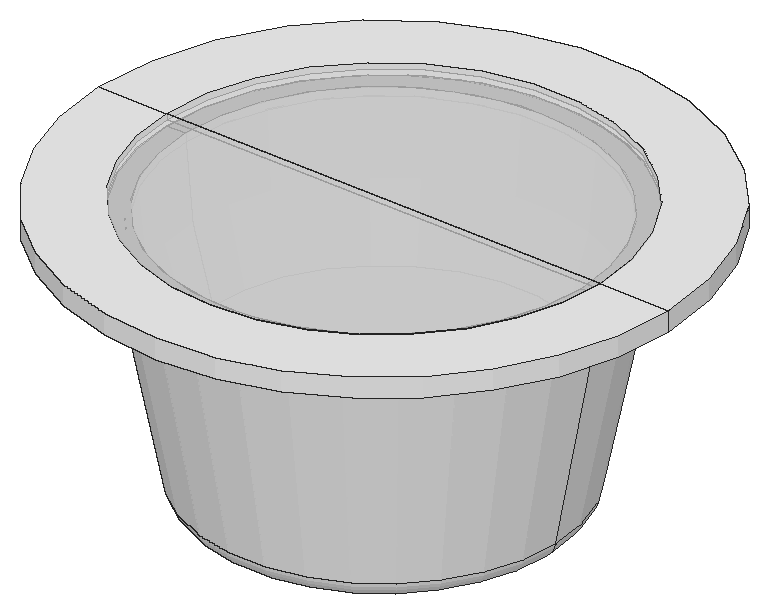
Revit family "2060575+2028036 Sylvania Lighting Fixture ASCENT 100 II ARCH 3700 4K STD 160 with IP44 Frost Glass", category Lighting Fixtures, host Face, Revit 2016
Family settings
  Host = Face
  Part Type = Normal
  Round Connector Dimension = Use Diameter
  OmniClass Number = 23.80.70.11.17
  OmniClass Title = Specialized Lighting by Location or Use
  Cut with Voids When Loaded = No
  Light Source = Yes
  Shared = No
  Room Calculation Point = No
Parameters (values of type "2060575+2028036 ASCT100 II ARCH 3700 4K STD 160 with IP44 Frost Glass")
  WidthBezelAcc_SYL = 25.0 mm
  Weight = "1.2 kg"
  Wattage = 30 W
  WarrantyStartDate [instance] = "n/a"
  WarrantyGuarantorParts = "n/a"
  WarrantyDurationUnit = "n/a"
  WarrantyDurationParts = "n/a"
  WarrantyDescription = "n/a"
  built-in parameter 1150110 = 1 (stored number, unit not read)
  Voltage = 0 V
  VisibilityAccessory_SYL = yes
  TypeName = "ASCENT 100 II ARCH 3700 4K STD 160 with IP44 Frost Glass"
  built-in parameter 1114217 = 1 (stored number, unit not read)
  Tilt Angle = -90°
  built-in parameter 1150109 = 1 (stored number, unit not read)
  built-in parameter 1150134 = 12
  built-in parameter 1150113 = 1 (stored number, unit not read)
  SerialNumber [instance] = "n/a"
  ReflectorRadius_SYL = Radius_SYL - 14.5 mm  # 80.0 mm
  RadiusAcc_SYL = 105.0 mm
  Radius_SYL = 94.5 mm
  URL = "http://www.sylvania-lighting.com"
  PowerFactor = 0
  PowerConsumption = "30 W"
  Photometric Web File = "2060575.ies"
  NominalWidth = 0.0 mm
  NominalLength = 0.0 mm
  NominalHeight = 94.0 mm
  Name = "ASCENT 100 II ARCH 3700 4K STD 160 with IP44 Frost Glass"
  ModelReference = "ASCENT 100 II ARCH 3700 4K STD 160 with IP44 Frost Glass"
  ModelNumber = "2060575+2028036"
  Material_4_SYL = none
  Material_3_SYL = Polycarbonate_Sylvania_Ascent_Opal
  Material_2_SYL = Aluminium_Sylvania_Ascent_Silver
  Material_1_SYL = Aluminum_Sylvania_Ascent_White
  Material = "aluminium housing, arcylic diffuser"
  ManufacturerName = "Feilo Sylvania"
  LuminousEfficacy = "126 lm/W"
  built-in parameter 1150105 = 300.8 (stored number, unit not read)
  Lumens = 3780 lm
  LuminaireType = ""
  built-in parameter 1150115 = 1 (stored number, unit not read)
  LightOutputRatio = "100"
  built-in parameter 1150137 = (empty or 0)
  built-in parameter 1150139 = (empty or 0)
  LampsType = Lamp  # "LED"
  LampNominalLuminous = "3766 lm"
  LampMacAdamStep = "3"
  LampColourTemperature = "4000 K"
  LampColourRenderingIndex = "80"
  built-in parameter 1150112 = 1 (stored number, unit not read)
  built-in parameter 1150114 = 1 (stored number, unit not read)
  Keynote = "16500"
  InstallationDate [instance] = "n/a"
  InputVoltage = "n/a"
  InputNominalFrequency = "n/a"
  built-in parameter 1150132 = (empty or 0)
  built-in parameter 1150102 = (empty or 0)
  built-in parameter 1150107 = 4000 (stored number, unit not read)
  built-in parameter 1150138 = (empty or 0)
  IngressProtection = "IP44"
  ImpactProtectionIndex = "IK02"
  built-in parameter 1150106 = 3.008 (stored number, unit not read)
  IfcExportType = "IfcLightFixtureType"
  IfcExportAs = "IfcLightFixtureType"
  Height_SYL = 94.0 mm
  HeightAcc_SYL = 7.0 mm
  ExpectedLife = 50000
  EmittionSurface_SYL = if(VisibilityAccessory_SYL, 7.0 mm, 3.0 mm)  # 7.0 mm
  Emit from Circle Diameter = DiffuserRadius_SYL * 2  # 146.0 mm
  Emit Shape Visible in Rendering = no
  ElectricShockClassification = "Class II"
  built-in parameter 1150104 = 11.706 (stored number, unit not read)
  DurationUnit = "hours"
  DocumentationLiterature = "http://www.sylvania-lighting.com/product/en-int/products/2060575"
  DimmingControlOptions = "n/a"
  Dimming Lamp Color Temperature Shift = <None>
  DiffuserRadius_SYL = ReflectorRadius_SYL - 7.0 mm  # 73.0 mm
  Diameter_SYL = 2 * Radius_SYL  # 189.0 mm
  CutoutDiameter_SYL = Diameter_SYL - 13.0 mm  # 176.0 mm
  CreatedOn = "9/17/2018"
  CreatedBy = "@sylvania-lighting.com"
  Color Filter = 16777215
  built-in parameter 1114216 [instance] = 1 (stored number, unit not read)
  Model = "ASCENT 100 II ARCH 3700 4K STD 160 with IP44 Frost Glass"
  Manufacturer = "Feilo Sylvania"
  Lamp = "LED"
  Description = "Direct LED retro fit for original LED 100 Arch (160) single CFL lamp offering Matching lumen levels and improved light distribution of original LED 100 CFL lamp equivalents Typically half the power consumption compared to CFL Up to 112lm/W 160mm aperture Architectural reflector accepts range of glass accessories from existing LED 100 Arch 160 offering HE, HO and VHO versions equivalent of single 1 x 18W, 1 x 32W, 1 x 42W\r\n Additional VVHO versions which offer the performance circa 2 x 32W equivalent"  # constant formula
  Default Elevation = 0.0 mm
  built-in parameter 1140040 [instance] = 1
  BarCode [instance] = "n/a"
  built-in parameter 1114218 = 1 (stored number, unit not read)
  built-in parameter 1150133 = 10 (stored number, unit not read)
  AssetType = "Fixed"
  AssetIdentifier [instance] = "n/a"
  Assembly Code = "D5020200"
  Apparent Load = 30 VA
  Aperture_SYL = 2 * ReflectorRadius_SYL  # 160.0 mm
Reference planes
  plane 1 "Center (Front/Back)": y = 0
  plane 2: z = 0
  plane 3 "Center (Left/Right)": x = 0
  plane 4 "Fixture Bottom": z = 3
  plane 5: z = -52.5
  plane 6 "Fixture Top": z = -91
  plane 7: x = -105
  plane 8: z = 7
  plane 9: x = -80
  plane 10: z = 5
  plane 11: x = -103
Forms (mm)
  Extrusion 1, solid, material "Aluminum_Sylvania_Ascent_White", detail levels fine
    sketch origin (0, 0, 0) x (1, 0, 0) y (0, 1, 0)
      loop
        circle (0, 0) r 94.5
      loop
        circle (0, 0) r 80
    from 0 to 3
  Extrusion 2, void
    sketch origin (0, 0, 0) x (1, 0, 0) y (0, 1, 0)
      loop
        circle (0, 0) r 88
    from -91 to 3
  Revolve 3, solid, material "Aluminum_Sylvania_Ascent_White" <- "Material_1_SYL", detail levels fine
    sketch origin (0, 0, 0) x (1, 0, 0) y (0, 0, 1)
      loop
        line (0, -91.073) -> (0, -89.023) -> (-55.468, -89.014)
        arc (-55.468, -89.014) -> (-59.352, -87.613) -> (-61.54, -84.139) r 6.307
        line (-61.54, -84.139) -> (-77.991, -2.844) -> (-77.991, 0) -> (-80, 0) -> (-80, -3) -> (-63.5, -84.536)
        arc (-63.5, -84.536) -> (-60.643, -89.203) -> (-55.5, -91.073) r 8.291
        line (-55.5, -91.073) -> (0, -91.073)
      axis (0, 0) -> (0, -91.073)
    angle from 0 to 360
  Revolve 4, solid, material "Aluminium_Sylvania_Ascent_Silver" <- "Material_2_SYL", detail levels fine
    sketch origin (0, 0, 0) x (1, 0, 0) y (0, 0, 1)
      loop
        line (-80, 3) -> (-80, 0) -> (-75, 0)
        arc (-75, 0) -> (-72.349, -26.77) -> (-64.5, -52.5) r 136.5
        line (-64.5, -52.5) -> (-58, -52.5)
        arc (-58, -52.5) -> (-56.857, -61.521) -> (-53.5, -69.971) r 36.166
        line (-53.5, -69.971) -> (0, -69.971) -> (0, -50.5) -> (-63.16, -50.5)
        arc (-63.16, -50.5) -> (-70.517, -25.725) -> (-73, 0) r 134.5
        line (-73, 0) -> (-73, 3) -> (-80, 3)
      axis (0, 3) -> (0, -69.971)
    angle from 0 to 360
  Extrusion 5, solid, material "Polycarbonate_Sylvania_Ascent_Opal" <- "Material_3_SYL", detail levels fine
    sketch origin (0, 0, 0) x (1, 0, 0) y (0, 1, 0)
      loop
        circle (0, 0) r 73
    from 0 to 3
  Revolve 6, solid, material "Aluminum_Sylvania_Ascent_White" <- "Material_1_SYL", detail levels coarse+medium
    sketch origin (0, 0, 0) x (1, 0, 0) y (0, 0, 1)
      loop
        line (0, -91.073) -> (0, 3) -> (-94.5, 3) -> (-94.5, 0) -> (-79.5, 0) -> (-79.5, -3) -> (-63, -84.536)
        arc (-63, -84.536) -> (-60.143, -89.203) -> (-55, -91.073) r 8.291
        line (-55, -91.073) -> (0, -91.073)
      axis (0, 3) -> (0, -91.073)
    angle from 0 to 360
  Revolve 7, solid, material "Aluminum_Sylvania_Ascent_White" <- "Material_1_SYL", visible <- "VisibilityAccessory_SYL"
    sketch origin (0, 0, 0) x (1, 0, 0) y (0, 0, 1)
      loop
        line (-105, 0) -> (-103, 0) -> (-103, 5) -> (-80, 5) -> (-80, 7) -> (-105, 7) -> (-105, 0)
      axis (0, 7) -> (0, 0)
    angle from 0 to 360
  Revolve 8, solid, material "Polycarbonate_Sylvania_Ascent_Opal" <- "Material_3_SYL", visible <- "VisibilityAccessory_SYL"
    sketch origin (0, 0, 0) x (1, 0, 0) y (0, 0, 1)
      loop
        line (-80, 7) -> (-80, 5) -> (0, 5) -> (0, 7) -> (-80, 7)
      axis (0, 7) -> (0, 5)
    angle from 0 to 360
Lines and regions (mm)
  reference lines
    curve 1: line (-150, 0, 7) -> (125, 0, 7)
Dimensions and locks
  locked: plane 4 "Fixture Bottom" to plane 2 at 3
  "Height_SYL": plane 4 "Fixture Bottom" to plane 6 "Fixture Top"
  "ReflectorRadius_SYL": plane 3 "Center (Left/Right)" to Revolve 4 sketch curve
  locked: Revolve 4 sketch curve to Revolve 4 sketch curve at 15.5
  locked: Revolve 4 sketch curve to Revolve 4 sketch curve at 5
  locked: Revolve 4 sketch curve to Revolve 4 sketch curve at 7
  locked: Revolve 4 sketch curve to Revolve 4 sketch curve at 22
  locked: Revolve 4 sketch curve to Revolve 4 sketch curve at 26.5
  locked: Revolve 3 sketch curve to Revolve 3 sketch curve at 16.5
  locked: Revolve 3 sketch curve to Revolve 3 sketch curve at 24.5
  "ReflectorRadius_SYL": Revolve 3 sketch curve to plane 3 "Center (Left/Right)"
  locked: Revolve 3 sketch curve to plane 6 "Fixture Top" at 6.464
  locked: plane 2 to Revolve 3 sketch curve at 3
  locked: Revolve 3 sketch curve to Revolve 3 sketch curve at 2
  locked: Revolve 3 sketch curve to Revolve 3 sketch curve at 2.009
  locked: plane 2 to plane 5 at 52.5
  locked: Revolve 6 sketch curve to Revolve 6 sketch curve at 31.5
  locked: Revolve 6 sketch curve to Revolve 6 sketch curve at 39.5
  locked: Revolve 6 sketch curve to Revolve 6 sketch curve at 15
  "Radius_SYL": plane 3 "Center (Left/Right)" to Revolve 6 sketch curve
  "RadiusAcc_SYL": plane 3 "Center (Left/Right)" to plane 7
  "HeightAcc_SYL": plane 8 to level
  "WidthBezelAcc_SYL": plane 7 to plane 9
  locked: plane 7 to plane 11 at 2
  locked: plane 8 to plane 10 at 2
  "EmittionSurface_SYL": curve 1 to level
  "CutoutDiameter_SYL": diameter of Extrusion 2 sketch curve
  "ReflectorRadius_SYL": radius of Extrusion 1 sketch curve
  "DiffuserRadius_SYL": radius of Extrusion 5 sketch curve
  "Radius_SYL": radius of Extrusion 1 sketch curve
  aligned and locked: host face to plane 2
  aligned and locked: host face to level
  aligned and locked: plane 4 "Fixture Bottom" to Extrusion 1
  aligned and locked: Extrusion 1 to plane 2
  aligned and locked: Revolve 3 sketch curve to plane 3 "Center (Left/Right)"
  aligned and locked: Revolve 4 sketch curve to plane 3 "Center (Left/Right)"  (x2)
  aligned and locked: plane 4 "Fixture Bottom" to Revolve 4 sketch curve
  aligned and locked: Extrusion 5 to plane 2
  aligned and locked: plane 2 to Revolve 3 sketch curve  (x2)
  aligned and locked: Revolve 6 sketch curve to plane 3 "Center (Left/Right)"
  aligned and locked: plane 6 "Fixture Top" to Extrusion 2
  aligned and locked: Revolve 7 sketch curve to plane 3 "Center (Left/Right)"
  aligned and locked: host face to Revolve 7 sketch curve  (x2)
  aligned and locked: Revolve 7 sketch curve to plane 7
  aligned and locked: plane 8 to Revolve 7 sketch curve
  aligned and locked: plane 9 to Revolve 7 sketch curve
  aligned and locked: Revolve 7 sketch curve to plane 10
  aligned and locked: plane 11 to Revolve 7 sketch curve
  aligned and locked: Revolve 7 to Revolve 8 sketch curve
  aligned and locked: Revolve 8 sketch curve to Revolve 7  (x2)
  aligned and locked: Revolve 8 sketch curve to plane 3 "Center (Left/Right)"  (x2)
  aligned and locked: plane 3 "Center (Left/Right)" to imposter light
  aligned and locked: imposter light to plane 1 "Center (Front/Back)"
  aligned and locked: imposter light to curve 1
Automatic sketch dimensions
  plane 1 "Center (Front/Back)" to Extrusion 2 sketch curve = 0.0 mm
  Extrusion 2 sketch curve to plane 3 "Center (Left/Right)" = 0.0 mm
  Extrusion 1 sketch curve to Extrusion 1 sketch curve = 0.0 mm  (x2)
  plane 1 "Center (Front/Back)" to Extrusion 1 sketch curve = 0.0 mm
  Extrusion 1 sketch curve to plane 3 "Center (Left/Right)" = 0.0 mm
  plane 6 "Fixture Top" to Revolve 3 sketch curve = 0.073 mm
  Revolve 3 sketch curve to plane 6 "Fixture Top" = 6.861 mm
  Revolve 3 sketch curve to Revolve 3 sketch curve = 0.003 mm
  Revolve 3 sketch curve to Revolve 3 sketch curve = 0.009 mm  (x2)
  Revolve 3 sketch curve to Revolve 3 sketch curve = 0.023 mm
  Revolve 3 sketch curve to Revolve 3 sketch curve = 0.072 mm
  Revolve 3 sketch curve to Revolve 3 sketch curve = 0.008 mm
  Revolve 3 sketch curve to plane 6 "Fixture Top" = 1.977 mm
  Revolve 3 sketch curve to Revolve 3 sketch curve = 33.496 mm
  Revolve 3 sketch curve to Revolve 3 sketch curve = 0.028 mm
  plane 4 "Fixture Bottom" to Revolve 3 sketch curve = 82.431 mm
  Revolve 4 sketch curve to Revolve 4 sketch curve = 0.0 mm  (x2)
  Revolve 4 sketch curve to plane 5 = 0.0 mm
  Revolve 4 sketch curve to level = 0.0 mm
  plane 5 to Revolve 4 sketch curve = 2.0 mm
  plane 4 "Fixture Bottom" to Revolve 4 sketch curve = 9.642 mm
  plane 1 "Center (Front/Back)" to Extrusion 5 sketch curve = 0.0 mm
  Extrusion 5 sketch curve to plane 3 "Center (Left/Right)" = 0.0 mm
  Revolve 4 sketch curve to level = 69.971 mm
  Revolve 4 sketch curve to Revolve 4 sketch curve = 2.387 mm
  Revolve 6 sketch curve to level = 0.0 mm
  Revolve 6 sketch curve to plane 3 "Center (Left/Right)" = 0.0 mm
  Revolve 6 sketch curve to Revolve 6 sketch curve = 8.104 mm
  Revolve 6 sketch curve to level = 3.0 mm
  Revolve 6 sketch curve to plane 6 "Fixture Top" = 6.464 mm
  plane 6 "Fixture Top" to Revolve 6 sketch curve = 0.073 mm
  Revolve 6 sketch curve to Revolve 6 sketch curve = 33.496 mm
  plane 4 "Fixture Bottom" to Revolve 6 sketch curve = 82.431 mm
  host sketch curve to host sketch curve = 1704.996 mm
  host sketch curve to host sketch curve = 1500.0 mm
  plane 6 "Fixture Top" to Revolve 7 sketch curve = 281.274 mm
  Revolve 7 sketch curve to plane 8 = 1140.706 mm
  plane 6 "Fixture Top" to Revolve 8 sketch curve = 281.274 mm
  Revolve 8 sketch curve to Revolve 8 sketch curve = 1140.706 mm
  Revolve 3 sketch curve to plane 3 "Center (Left/Right)" = 0.0 mm
  Revolve 6 sketch curve to plane 4 "Fixture Bottom" = 0.0 mm
  plane 7 to curve 1 = 45.0 mm
  plane 3 "Center (Left/Right)" to curve 1 = 125.0 mm
Connectors
  electrical at (0, 0, -91.073), driven by "Apparent Load"
    settings: on Revolve 3, index 1, voltage 240 V, apparent load 0 VA, apparent load phase1 30 VA, apparent load phase2 0 VA, apparent load phase3 0 VA, power factor 1, load classification "Lighting", number of poles 1, system type 31, power factor state 1, is connector primary yes, connector utility no, sub classification motor no, connector description ""
